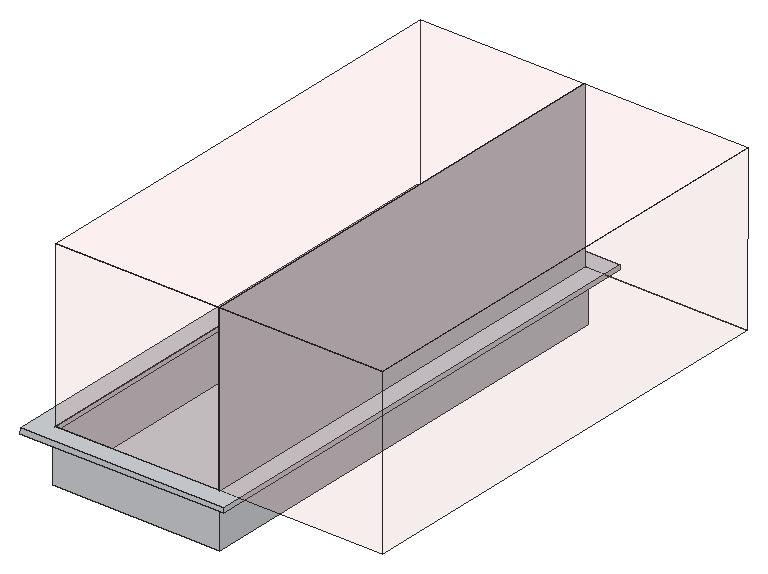
Revit family "Hager-VOLTA-Flush_mounted-IP30-With_Cover-With_DIN-Hosted-PL-en", category Electrical Equipment, host Face, Revit 2023
Family settings
  Host = Face
  Panel Configuration = Two Columns, Circuits Across
  Round Connector Dimension = Use Diameter
  Part Type = Panelboard
  Cut with Voids When Loaded = No
  Maintain Annotation Orientation = Yes
  Shared = No
  Room Calculation Point = No
Parameters (values of type "VOLTA-Flush_mounted_W348_H880_D98_12_Modular_Spacing-VU60NWB")
  Width Control [instance] = if([HG000006-Flush mounted], if([EF000846 - Built-in width] > min_whd, [EF000846 - Built-in width], min_whd), if([EF000008 - Width] > min_whd, ([EF000008 - Width]), min_whd))  # 314.5 mm
  Void Depth [instance] = if([HG000006-Flush mounted], Depth Control, 1 mm)  # 89 mm
  Uniformat code = "D501001"
  Uniformat = "Low Tension Service & Dist."
  HG000131 - Functional label [instance] = ""
  HG000130 - Functional name [instance] = ""
  HG000099-Onfly Template ID = "507532"
  Type Comments = ""
  System Height [instance] = Height Control - 2 * [HG000005-Thickness]  # 861 mm
  Reference description = ""
  Reference = "VOLTA-Flush_mounted_W348_H880_D98_12_Modular_Spacing-VU60NWB"
  Object type = ""
  Name hager = "ADD_Enclosures_EC000214"
  Name BIM&CO = "Electricity"
  Name = "VOLTA-Flush_mounted-IP30-With_Cover-With_DIN-PL"
  Model = ""
  HGEF002950-Width in number of modular spacings = 12
  HGEF000266-Number of rows = 0
  HG000060-RAL-number = "9010"
  HG000059-Operating voltage [instance] = 230 V
  HG000017-Distance between poles = 18 mm
  HG000016-Door 3D visibility = yes
  HG000015-Clearance visibility = yes
  HG000014-Door on the right = yes
  HG000013-Door on the left = not([HG000014-Door on the right])  # no
  HG000012-Door swing angle = 90.00°
  HG000011-Empty rows from bottom = no
  HG000010-Asymmetric doors = no
  HG000009-Double swing door = no
  HG000008-Number of empty rows = 0
  HG000007-Number of empty columns = 0
  HG000006-Flush mounted = yes
  HG000005-Thickness = 2 mm
  HG000004-Manufacturer reference = "VU60NWB"
  HG000003-Range = "VOLTA"
  HG000002-With door or cover = yes
  HG000001-Number of columns = 0
  GTIN (Global Trade Item Number) = ""
  ETIM class name = "Small distribution board"
  ETIM class code = "EC000214"
  EF015941 - Signal passing door = no
  EF015777 - Neutral terminal block = no
  EF015776 - Earthing terminal block = no
  EF009212 - Cover model = "With notch"
  EF006306 - With lock = no
  EF006244 - Transparent cover/door = no
  EF005474 - Degree of protection (IP) = "IP30"
  EF004464 - Type of door = ""
  EF004462 - Type of closure = "Other"
  EF002950 - Width in number of modular spacings = 12
  EF001596 - Housing material = ""
  EF001134 - DIN-rail = yes
  EF001131 - Inner depth = 0 mm
  EF001088 - Extension possible = yes
  EF001062 - EMC-version = no
  EF000846 - Built-in width = 314.5 mm
  EF000339 - Type of covering = ""
  EF000332 - Built-in height = 865 mm
  EF000266 - Number of rows = 0
  EF000218 - Built-in depth = 89 mm
  EF000118 - With mounting plate = yes
  EF000116 - RAL-number = 9010
  EF000049 - Depth = 98 mm
  EF000040 - Height = 880 mm
  EF000024 - UV resistant = no
  EF000008 - Width = 348 mm
  EF000007 - Colour = "White"
  EF000003 - Mounting method = "Flush-mounted"
  Creation Date = "12/15/2025 21:46:28"
  Code hager = "ADD-EC000214_EU"
  BIM&CO code = ""
  BC_VARIANT_ID = "1174397"
  BC_OBJECT_VERSION = "#5"  # constant formula
  BC_OBJECT_ID = "513496"  # constant formula
  BC_MODEL_ID = "1547210"  # constant formula
  Arrow Offset [instance] = Depth Control / 8  # 11.125 mm
  Arrow Height [instance] = Depth Control - Arrow Offset  # 77.875 mm
  Host Offset [instance] = if([HG000006-Flush mounted], 0 mm, [EF000049 - Depth])  # 0 mm
  min_whd [instance] = (2 * [HG000005-Thickness]) + 1 mm  # 5 mm
  Manufacturer = "Hager"  # constant formula
  Height Control [instance] = if([HG000006-Flush mounted], if([EF000332 - Built-in height] > min_whd, [EF000332 - Built-in height], min_whd), if([EF000040 - Height] > min_whd, ([EF000040 - Height]), min_whd))  # 865 mm
  Flush Mounted - Door Frame Width [instance] = if(([EF000040 - Height] - [EF000332 - Built-in height]) > 0 mm, if([HG000006-Flush mounted], [EF000040 - Height] - [EF000332 - Built-in height], 0 mm), 0 mm)  # 15 mm
  Depth Control [instance] = if([HG000006-Flush mounted], if([EF000218 - Built-in depth] > 0 mm, [EF000218 - Built-in depth], 1 mm), if([EF000049 - Depth] > 0 mm, ([EF000049 - Depth]), 1 mm))  # 89 mm
  Default Elevation = 0 mm
Types (18, lengths in mm): name | Width Control | Void Depth | System Height | Reference | HGEF000266-Number of rows | HG000011-Empty rows from bottom | HG000008-Number of empty rows | HG000004-Manufacturer reference | HG000001-Number of columns | EF015777 - Neutral terminal block | EF015776 - Earthing terminal block | EF000846 - Built-in width | EF000332 - Built-in height | EF000266 - Number of rows | EF000218 - Built-in depth | EF000118 - With mounting plate | EF000040 - Height | BC_VARIANT_ID | Arrow Offset | Arrow Height | Height Control | Flush Mounted - Door Frame Width | Depth Control
  VOLTA-Flush_mounted_W348_H356_D98_12_Modular_Spacing-VU12AT | 314.5 | 89 | 317 | "VOLTA-Flush_mounted_W348_H356_D98_12_Modular_Spacing-VU12AT" | 1 | no | 0 | "VU12AT" | 1 | yes | yes | 314.5 | 321 | 1 | 89 | no | 356 | "1174376" | 11.125 | 77.875 | 321 | 35 | 89
  VOLTA-Flush_mounted_W348_H356_D98_12_Modular_Spacing-VU12NE | 314.5 | 89 | 317 | "VOLTA-Flush_mounted_W348_H356_D98_12_Modular_Spacing-VU12NE" | 1 | no | 0 | "VU12NE" | 1 | no | yes | 314.5 | 321 | 1 | 89 | no | 356 | "1174377" | 11.125 | 77.875 | 321 | 35 | 89
  VOLTA-Flush_mounted_W348_H505_D98_12_Modular_Spacing-VU24AT | 314.5 | 89 | 466 | "VOLTA-Flush_mounted_W348_H505_D98_12_Modular_Spacing-VU24AT" | 2 | no | 0 | "VU24AT" | 1 | yes | yes | 314.5 | 470 | 2 | 89 | no | 505 | "1174378" | 11.125 | 77.875 | 470 | 35 | 89
  VOLTA-Flush_mounted_W348_H505_D98_12_Modular_Spacing-VU24NE | 314.5 | 89 | 466 | "VOLTA-Flush_mounted_W348_H505_D98_12_Modular_Spacing-VU24NE" | 2 | no | 0 | "VU24NE" | 1 | no | yes | 314.5 | 470 | 2 | 89 | no | 505 | "1174380" | 11.125 | 77.875 | 470 | 35 | 89
  VOLTA-Flush_mounted_W348_H505_D98_12_Modular_Spacing-VU24NWB | 314.5 | 89 | 466 | "VOLTA-Flush_mounted_W348_H505_D98_12_Modular_Spacing-VU24NWB" | 0 | no | 0 | "VU24NWB" | 0 | no | no | 314.5 | 470 | 0 | 89 | yes | 505 | "1174383" | 11.125 | 77.875 | 470 | 35 | 89
  VOLTA-Flush_mounted_W348_H630_D98_12_Modular_Spacing-VU36AT | 314.5 | 89 | 591 | "VOLTA-Flush_mounted_W348_H630_D98_12_Modular_Spacing-VU36AT" | 3 | no | 0 | "VU36AT" | 1 | yes | yes | 314.5 | 595 | 3 | 89 | no | 630 | "1174385" | 11.125 | 77.875 | 595 | 35 | 89
  VOLTA-Flush_mounted_W348_H630_D98_12_Modular_Spacing-VU36NE | 314.5 | 89 | 591 | "VOLTA-Flush_mounted_W348_H630_D98_12_Modular_Spacing-VU36NE" | 3 | no | 0 | "VU36NE" | 1 | no | yes | 314.5 | 595 | 3 | 89 | no | 630 | "1174386" | 11.125 | 77.875 | 595 | 35 | 89
  VOLTA-Flush_mounted_W348_H630_D98_12_Modular_Spacing-VU36NWB | 314.5 | 89 | 591 | "VOLTA-Flush_mounted_W348_H630_D98_12_Modular_Spacing-VU36NWB" | 0 | no | 0 | "VU36NWB" | 0 | no | no | 314.5 | 595 | 0 | 89 | yes | 630 | "1174387" | 11.125 | 77.875 | 595 | 35 | 89
  VOLTA-Flush_mounted_W348_H755_D98_12_Modular_Spacing-VU48AT | 314.5 | 89 | 716 | "VOLTA-Flush_mounted_W348_H755_D98_12_Modular_Spacing-VU48AT" | 4 | no | 0 | "VU48AT" | 1 | yes | yes | 314.5 | 720 | 4 | 89 | no | 755 | "1174388" | 11.125 | 77.875 | 720 | 35 | 89
  VOLTA-Flush_mounted_W348_H755_D98_12_Modular_Spacing-VU48NE | 314.5 | 89 | 716 | "VOLTA-Flush_mounted_W348_H755_D98_12_Modular_Spacing-VU48NE" | 4 | no | 0 | "VU48NE" | 1 | no | yes | 314.5 | 720 | 4 | 89 | no | 755 | "1174389" | 11.125 | 77.875 | 720 | 35 | 89
  VOLTA-Flush_mounted_W348_H755_D98_12_Modular_Spacing-VU48NWB | 314.5 | 89 | 716 | "VOLTA-Flush_mounted_W348_H755_D98_12_Modular_Spacing-VU48NWB" | 0 | no | 0 | "VU48NWB" | 0 | no | no | 314.5 | 720 | 0 | 89 | yes | 755 | "1174390" | 11.125 | 77.875 | 720 | 35 | 89
  VOLTA-Flush_mounted_W348_H880_D98_12_Modular_Spacing-VU601PLH | 314.5 | 89 | 841 | "VOLTA-Flush_mounted_W348_H880_D98_12_Modular_Spacing-VU601PLH" | 5 | yes | 4 | "VU601PLH" | 1 | yes | yes | 314.5 | 845 | 5 | 89 | yes | 880 | "1174391" | 11.125 | 77.875 | 845 | 35 | 89
  VOLTA-Flush_mounted_W348_H880_D98_12_Modular_Spacing-VU602PLH | 314.5 | 89 | 841 | "VOLTA-Flush_mounted_W348_H880_D98_12_Modular_Spacing-VU602PLH" | 5 | yes | 3 | "VU602PLH" | 1 | yes | yes | 314.5 | 845 | 5 | 89 | yes | 880 | "1174392" | 11.125 | 77.875 | 845 | 35 | 89
  VOLTA-Flush_mounted_W348_H880_D98_12_Modular_Spacing-VU603PLG | 314.5 | 89 | 841 | "VOLTA-Flush_mounted_W348_H880_D98_12_Modular_Spacing-VU603PLG" | 5 | yes | 2 | "VU603PLG" | 1 | yes | yes | 314.5 | 845 | 5 | 89 | yes | 880 | "1174393" | 11.125 | 77.875 | 845 | 35 | 89
  VOLTA-Flush_mounted_W348_H880_D98_12_Modular_Spacing-VU603PLH | 314.5 | 89 | 841 | "VOLTA-Flush_mounted_W348_H880_D98_12_Modular_Spacing-VU603PLH" | 5 | yes | 2 | "VU603PLH" | 1 | yes | yes | 314.5 | 845 | 5 | 89 | yes | 880 | "1174394" | 11.125 | 77.875 | 845 | 35 | 89
  VOLTA-Flush_mounted_W348_H880_D98_12_Modular_Spacing-VU60NC | 314.5 | 89 | 842 | "VOLTA-Flush_mounted_W348_H880_D98_12_Modular_Spacing-VU60NC" | 5 | no | 0 | "VU60NC" | 1 | no | yes | 314.5 | 846 | 5 | 89 | no | 880 | "1174395" | 11.125 | 77.875 | 846 | 34 | 89
  VOLTA-Flush_mounted_W348_H880_D98_12_Modular_Spacing-VU60NE | 314 | 90 | 841 | "VOLTA-Flush_mounted_W348_H880_D98_12_Modular_Spacing-VU60NE" | 5 | no | 0 | "VU60NE" | 1 | yes | yes | 314 | 845 | 5 | 90 | no | 880 | "1174396" | 11.25 | 78.75 | 845 | 35 | 90
  VOLTA-Flush_mounted_W348_H880_D98_12_Modular_Spacing-VU60NWB | 314.5 | 89 | 861 | "VOLTA-Flush_mounted_W348_H880_D98_12_Modular_Spacing-VU60NWB" | 0 | no | 0 | "VU60NWB" | 0 | no | no | 314.5 | 865 | 0 | 89 | yes | 880 | "1174397" | 11.125 | 77.875 | 865 | 15 | 89
Reference planes
  plane 1 "Center (Front/Back)": y = 0
  plane 2: z = 0
  plane 3 "Center (Left/Right)": x = 0
  plane 4: z = 0
  plane 5: y = 17
  plane 6: z = -5
  plane 7: y = 447.5
  plane 8: y = 15
  plane 9: y = 880
  plane 10: z = -89
  plane 11: x = -157.25
  plane 12: x = 157.25
  plane 13: x = 155.25
  plane 14: x = -155.25
  plane 15: y = 878
  plane 16: z = -87
  plane 17: z = -2
  plane 18: z = -89
  plane 19: z = -2
  plane 20 "Annotation H": y = -100
  plane 21 "Annotation V": x = 457.25
Forms (mm)
  Extrusion 1, solid
    sketch origin (-583.045, 15, 1219.2) x (-1, 0, 0) y (0, 0, 1)
      loop
        line (-425.795, -1219.2) -> (-740.295, -1219.2) -> (-740.295, -1308.2) -> (-425.795, -1308.2) -> (-425.795, -1219.2)
    from 0 to 865 <- "Height Control"
  Extrusion 2, void
    sketch origin (-381.607, -4572, 0) x (0, -1, 0) y (-1, 0, 0)
      loop
        line (-5450, -226.357) -> (-5450, -536.857) -> (-4589, -536.857) -> (-4589, -226.357) -> (-5450, -226.357)
    from 0 to 87
  Extrusion 3, void
    sketch origin (0, 0, 0) x (1, 0, 0) y (0, 1, 0)
      loop
        line (-157.25, 15) -> (157.25, 15) -> (157.25, 880) -> (-157.25, 880) -> (-157.25, 15)
    from -89 to 1
  Extrusion 4, solid, detail levels coarse+medium
    sketch origin (-381.607, -4572, 0) x (-1, 0, 0) y (0, -1, 0)
      loop
        line (-226.357, -5450) -> (-226.357, -4589) -> (-536.857, -4589) -> (-536.857, -5450) -> (-226.357, -5450)
    from 0 to -2
Cuts and joins
  Extrusion 2 cuts Extrusion 1
Dimensions and locks
  plane 4 to plane 6 = 5 mm
  "Host Offset": plane 4 to host face
  "Flush Mounted - Door Frame Width": plane 1 "Center (Front/Back)" to plane 8
  "HG000005-Thickness": plane 5 to plane 8
  locked: connector elem to plane 3 "Center (Left/Right)"
  "Height Control": plane 9 to plane 8
  equal spacing: plane 9, plane 7, plane 8
  locked: connector elem to plane 7
  "Depth Control": plane 4 to plane 10
  "HG000005-Thickness": plane 11 to plane 14
  "HG000005-Thickness": plane 12 to plane 13
  equal spacing: plane 11, plane 3 "Center (Left/Right)", plane 12
  "Width Control": plane 11 to plane 12
  "Arrow Offset": nested 4 to plane 10
  "HG000005-Thickness": plane 9 to plane 15
  "HG000005-Thickness": plane 16 to plane 10
  "HG000005-Thickness": plane 4 to plane 17
  "Void Depth": plane 2 to plane 18
  "HG000005-Thickness": plane 4 to plane 19
  locked: plane 20 "Annotation H" to plane 1 "Center (Front/Back)" at 100
  locked: plane 12 to plane 21 "Annotation V" at 300
  aligned and locked: plane 2 to host face
  aligned and locked: level to host face
  aligned and locked: plane 3 "Center (Left/Right)" to nested 2
  aligned and locked: plane 4 to nested 2
  aligned and locked: nested 2 to plane 8
  aligned and locked: nested 1 to plane 6
  aligned and locked: plane 5 to nested 1
  aligned and locked: nested 4 to plane 11
  aligned and locked: nested 3 to plane 4
  aligned and locked: Extrusion 1 sketch curve to plane 12
  aligned and locked: Extrusion 1 sketch curve to plane 11
  aligned and locked: nested 3 to plane 10
  aligned and locked: plane 10 to Extrusion 1 sketch curve
  aligned and locked: plane 5 to Extrusion 2 sketch curve
  aligned and locked: Extrusion 2 sketch curve to plane 15
  aligned and locked: Extrusion 2 sketch curve to plane 14
  aligned and locked: Extrusion 2 sketch curve to plane 13
  aligned and locked: plane 11 to Extrusion 3 sketch curve
  aligned and locked: plane 9 to Extrusion 3 sketch curve
  aligned and locked: Extrusion 3 sketch curve to plane 8
  aligned and locked: plane 12 to Extrusion 3 sketch curve
  aligned and locked: nested 3 to plane 12
  aligned and locked: Extrusion 3 to plane 18
  aligned and locked: Extrusion 2 to plane 16
  aligned and locked: Extrusion 1 sketch curve to plane 4
  aligned and locked: Extrusion 4 to plane 17
  aligned and locked: Extrusion 4 sketch curve to plane 15
  aligned and locked: Extrusion 4 sketch curve to plane 13
  aligned and locked: Extrusion 4 sketch curve to plane 14
  aligned and locked: plane 5 to Extrusion 4 sketch curve
  aligned and locked: nested 5 to plane 21 "Annotation V"
  aligned and locked: plane 20 "Annotation H" to nested 5
Automatic sketch dimensions
  host sketch curve to host sketch curve = 1469.727 mm
  host sketch curve to host sketch curve = 1434.803 mm
Nested families
  nested 1: "Hager_Enclosure_System" at (0, 17, -5) x (1, 0, 0) z (0, 1, 0), Depth <- "HG000005-Thickness", Height <- "System Height", Border <- "HG000005-Thickness", Flush_Mounted <- "HG000006-Flush mounted", Row_Module_Multiplicator <- "HGEF002950-Width in number of modular spacings", Total_No_Empty_Rows <- "HG000008-Number of empty rows", Total_No_Rows <- "HGEF000266-Number of rows", Empty_Columns <- "HG000007-Number of empty columns", Width_Control <- "Width Control", Empty_Rows_From_Bottom <- "HG000011-Empty rows from bottom", Distance_Between_Poles <- "HG000017-Distance between poles", Rows_Count <- "HGEF000266-Number of rows", Columns_Count <- "HG000001-Number of columns", Built-in_Width <- "EF000846 - Built-in width", Width <- "EF000008 - Width", type "Hager_Enclosure_System", detail levels fine
    with Width_Control 314.5 mm, Width 348 mm, Total_No_Rows 0, Total_No_Empty_Rows 0, Total_No_Columns 1, System_Width 310.5 mm, Rows_Count 0, Rows_Column 0, Row_Module_Multiplicator 12, Panel_4 no, Panel_3 no, Panel_2 no, Panel_1 no, No_Panels_Ctrl 1, Hide_Columns yes, Height 861 mm, Flush_Mounted yes, Empty_Rows_From_Bottom no, Empty_Rows_Column 0, Empty_Columns 0, Empty column 4 0, Empty column 3 0, Empty column 2 0, Empty column 1 0, Distance_Between_Poles 18 mm, Depth 2 mm, Columns_Count 0, Column_Width 310.5 mm, Built-in_Width 314.5 mm, Border 2 mm
  nested 2: "Hager_Enclosure_Door" at (0, 15, 0) x (1, 0, 0) z (0, 1, 0), Border <- "HG000005-Thickness", Door_Right <- "HG000014-Door on the right", Flush_Mounted <- "HG000006-Flush mounted", Door_Left <- "HG000013-Door on the left", 3d_Door <- "HG000016-Door 3D visibility", Angle <- "HG000012-Door swing angle", Assymetrical <- "HG000010-Asymmetric doors", Double <- "HG000009-Double swing door", Clearance <- "HG000015-Clearance visibility", Door <- "HG000002-With door or cover", Height_Ctrl <- "Height Control", Width_Ctrl <- "Width Control", BuiltIn_Depth <- "EF000218 - Built-in depth", Depth <- "EF000049 - Depth", BuiltIn_Width <- "EF000846 - Built-in width", Height <- "EF000040 - Height", BuiltIn_Height <- "EF000332 - Built-in height", Width <- "EF000008 - Width", Transparent <- "EF006244 - Transparent cover/door", type "Hager_Enclosure_Door", detail levels medium+fine
    with min_wh 5 mm, Width_Ctrl 314.5 mm, Width 348 mm, Transparent_Door_No_Bottom_Border no, Transparent no, Leaf_Width 307.5 mm, Leaf_Tolerance 1.5 mm, Leaf_Height 858 mm, Leaf_2_Width 307.5 mm, Leaf_2_Offset 153.75 mm, Leaf_1_Width 307.5 mm, Leaf_1_Offset 153.75 mm, Height_Ctrl 865 mm, Height 880 mm, Frame_Width_Ctrl 33.5 mm, Frame_Width 33.5 mm, Frame_Internal_Offset 2 mm, Frame_Height_Ctrl 15 mm, Frame_Height 15 mm, Frame_Depth_Ctrl 9 mm, Frame_Depth 9 mm, Flush_Mounted yes, Double_Clearance_Ctrl no, Double no, Door_Right_Ctrl yes, Door_Right yes, Door_Left_Ctrl no, Door_Left no, Door yes, Depth 98 mm, Clearance_Depth 307.5 mm, Clearance_Ctrl yes, Clearance yes, BuiltIn_Width 314.5 mm, BuiltIn_Height 865 mm, BuiltIn_Depth 89 mm, Border 2 mm, Assymetrical no, Angle 90.00°, 3d_Door yes
  nested 3: "Hager_Enclosure_Symbol_Triangle" at (-157.25, 0, -89) x (1, 0, 0) z (0, -1, 0), Depth <- "Depth Control", Width <- "Width Control", type "Hager_Enclosure_Symbol_Triangle"
    with Width_Ctrl 314.5 mm, Width 314.5 mm, Depth_Ctrl 89 mm, Depth 89 mm
  nested 4: "Hager_Enclosure_Symbol_Arrow" at (-157.25, 0, -77.875) x (1, 0, 0) z (0, -1, 0), Height <- "Arrow Height", type "Hager_Enclosure_Symbol_Arrow"
    with Width_Inside 5.841 mm, Width 70.087 mm, Height_Ctrl 77.875 mm, Height 77.875 mm
  nested 5: "Hager_Annotation-HG000130" at (457.25, -100, 0) x (-1, 0, 0) z (0, 0, 1), HG000130 - Functional name <- "HG000130 - Functional name", type "Hager_Annotation-HG000130"
    with HG000130 - Functional name ""
Connectors
  electrical at (0, 447.5, -89)
    settings: on plane 10, index 1, voltage 0 V, apparent load 0 VA, apparent load phase1 0 VA, apparent load phase2 0 VA, apparent load phase3 0 VA, power factor 1, load classification "Other", number of poles 1, system type 30, power factor state 1, is connector primary yes, connector utility no, sub classification motor no, connector description ""
Definition of nested family "Hager_Enclosure_Door"
  Parameters (values of type "Hager_Enclosure_Door")
    min_wh [instance] = (2 * Border) + 1 mm  # 11 mm
    Width_Ctrl [instance] = 400 mm
    Width [instance] = 500 mm
    Transparent_Door_No_Bottom_Border [instance] = no
    Transparent [instance] = yes
    Leaf_Width [instance] = if((Width_Ctrl - 2 * Border - 2 * Leaf_Tolerance) > 0 mm, (Width_Ctrl - 2 * Border - 2 * Leaf_Tolerance), min_wh)  # 387 mm
    Leaf_Tolerance [instance] = 1.5 mm  # constant formula
    Leaf_Height [instance] = if((Height_Ctrl - 2 * Border - 2 * Leaf_Tolerance) > 0 mm, (Height_Ctrl - 2 * Border - 2 * Leaf_Tolerance), min_wh)  # 387 mm
    Leaf_2_Width [instance] = if(and(and(Double, Assymetrical), Door_Left), (Leaf_Width / 3) - (Leaf_Tolerance / 2), if(and(and(Double, Assymetrical), Door_Right), (Leaf_Width / 3) * 2 - (Leaf_Tolerance / 2), if(and(Double, not(Assymetrical)), (Leaf_Width / 2) - Leaf_Tolerance, Leaf_Width)))  # 387 mm
    Leaf_2_Offset [instance] = if(and(Double, Assymetrical), Leaf_2_Width / 2, if(and(Double, not(Assymetrical)), Leaf_Width / 4, Leaf_Width / 2))  # 193.5 mm
    Leaf_1_Width [instance] = if(and(and(Double, Assymetrical), Door_Right), (Leaf_Width / 3) - (Leaf_Tolerance / 2), if(and(and(Double, Assymetrical), Door_Left), (Width / 3) * 2 - (Leaf_Tolerance / 2), if(and(Double, not(Assymetrical)), (Leaf_Width / 2) - Leaf_Tolerance, Leaf_Width)))  # 387 mm
    Leaf_1_Offset [instance] = if(and(Double, Assymetrical), Leaf_1_Width / 2, if(and(Double, not(Assymetrical)), Leaf_Width / 4, Leaf_Width / 2))  # 193.5 mm
    Height_Ctrl [instance] = 400 mm
    Height [instance] = 500 mm
    Frame_Width_Ctrl [instance] = if(Frame_Width > 0 mm, Frame_Width, 1 mm)  # 1 mm
    Frame_Width [instance] = Width - BuiltIn_Width  # 0 mm
    Frame_Internal_Offset [instance] = if(Flush_Mounted, Border, 0 mm)  # 5 mm
    Frame_Height_Ctrl [instance] = if(Frame_Height > 0 mm, Frame_Height, 1 mm)  # 1 mm
    Frame_Height [instance] = Height - BuiltIn_Height  # 0 mm
    Frame_Depth_Ctrl [instance] = if(Frame_Depth > 0 mm, Frame_Depth, 1 mm)  # 1 mm
    Frame_Depth [instance] = if(Depth - BuiltIn_Depth > 0 mm, if(Flush_Mounted, Depth - BuiltIn_Depth, 0 mm), 0 mm)  # 0 mm
    Flush_Mounted [instance] = yes
    Double_Clearance_Ctrl [instance] = and(Double, Clearance)  # no
    Double [instance] = no
    Door_Right_Ctrl [instance] = and(or(Door_Right, Double), Door)  # yes
    Door_Right [instance] = yes
    Door_Left_Ctrl [instance] = and(or(Door_Left, Double), Door)  # no
    Door_Left [instance] = no
    Door [instance] = yes
    Depth [instance] = 500 mm
    Default Elevation = 1219.2 mm
    Clearance_Material = none
    Clearance_Depth [instance] = if(Leaf_1_Width > Leaf_2_Width, Leaf_1_Width, Leaf_2_Width)  # 387 mm
    Clearance_Ctrl [instance] = and(not(Double), Clearance)  # yes
    Clearance [instance] = yes
    BuiltIn_Width [instance] = 500 mm
    BuiltIn_Height [instance] = 500 mm
    BuiltIn_Depth [instance] = 500 mm
    Border [instance] = 5 mm
    Assymetrical [instance] = yes
    Angle [instance] = 30.00°
    3d_Door [instance] = yes
  Reference planes
    plane 1 "Center (Front/Back)": y = 0
    plane 2 "Bottom": z = 0
    plane 3 "Center (Left/Right)": x = 0
    plane 4: z = 400
    plane 5: x = -200
    plane 6: x = 200
    plane 7: z = 395
    plane 8: x = -195
    plane 9: z = 5
    plane 10: x = 195
    plane 11: y = 0
    plane 12: z = 6.5
    plane 13: x = -582
    plane 14: y = -387
    plane 15: x = 582
    plane 16: x = 0
    plane 17: x = 0
    plane 18: x = -193.5
    plane 19: x = 193.5
    plane 20: z = 393.5
  Forms (mm)
    Extrusion 1, solid, visible <- "Flush_Mounted"
      sketch origin (0, 0, 0) x (1, 0, 0) y (0, 0, 1)
        loop
          line (195, 5) -> (195, 395) -> (-195, 395) -> (-195, 5) -> (195, 5)
        loop
          line (-201, 401) -> (-201, -1) -> (201, -1) -> (201, 401) -> (-201, 401)
      from 0 to 1 <- "Frame_Depth_Ctrl"
    Extrusion 2, solid, material <- "Clearance_Material", visible <- "Double_Clearance_Ctrl"
      sketch origin (1200, 0, 0) x (1, 0, 0) y (0, 0, -1)
        loop
          line (-1782, -393.5) -> (-618, -393.5) -> (-618, 0) -> (-1782, 0) -> (-1782, -393.5)
      from 0 to -387
  Dimensions and locks
    equal spacing: plane 5, plane 3 "Center (Left/Right)", plane 6
    "Width_Ctrl": plane 5 to plane 6
    "Border": plane 5 to plane 8
    "Border": plane 6 to plane 10
    "Border": plane 9 to level
    "Border": plane 4 to plane 7
    "Height_Ctrl": plane 4 to level
    "Leaf_Tolerance": plane 12 to plane 9
    "Frame_Depth": plane 11 to plane 1 "Center (Front/Back)"
    "Frame_Width_Ctrl": plane 5 to Extrusion 1 sketch curve
    "Frame_Width_Ctrl": plane 6 to Extrusion 1 sketch curve
    "Frame_Width_Ctrl": Extrusion 1 sketch curve to plane 4
    "Frame_Width_Ctrl": plane 2 "Bottom" to Extrusion 1 sketch curve
    "Leaf_1_Offset": plane 18 to plane 16
    "Leaf_2_Offset": plane 17 to plane 19
    "Leaf_1_Width": plane 13 to plane 8
    "Leaf_2_Width": plane 10 to plane 15
    "Clearance_Depth": plane 14 to plane 1 "Center (Front/Back)"
    "Leaf_Tolerance": plane 8 to plane 18
    "Leaf_Tolerance": plane 19 to plane 10
    "Leaf_Tolerance": plane 7 to plane 20
    "Frame_Internal_Offset": plane 5 to Extrusion 1 sketch curve
    "Frame_Internal_Offset": Extrusion 1 sketch curve to plane 2 "Bottom"
    "Frame_Internal_Offset": plane 6 to Extrusion 1 sketch curve
    "Frame_Internal_Offset": plane 4 to Extrusion 1 sketch curve
    aligned and locked: level to plane 2 "Bottom"
    aligned and locked: nested 1 to plane 16
    aligned and locked: nested 2 to plane 17
    aligned and locked: Extrusion 2 to plane 13
    aligned and locked: plane 15 to Extrusion 2
    aligned and locked: Extrusion 2 to plane 14
    aligned and locked: plane 12 to nested 1
    aligned and locked: nested 2 to plane 12
    aligned and locked: Extrusion 2 to plane 11
    aligned and locked: plane 20 to Extrusion 2
    aligned and locked: nested 2 to plane 11
    aligned and locked: nested 1 to plane 11
  Automatic sketch dimensions
    Extrusion 2 sketch curve to level = 0 mm
    plane 5 to Extrusion 2 sketch curve = 382 mm
    plane 6 to Extrusion 2 sketch curve = 382 mm
    Extrusion 2 sketch curve to plane 4 = 6.5 mm
  Nested families
    nested 1: "Hager_Enclosure_Door_Leaf" at (0, 0, 6.5), Width <- "Leaf_1_Width", visible <- "Door_Left_Ctrl", Leaf_Height <- "Leaf_Height", Angle <- "Angle", Depth <- "Border", 3d_Door <- "3d_Door", Transparent <- "Transparent", Clearance Material <- "Clearance_Material", Clearance <- "Clearance_Ctrl", Transparent_Door_No_Bottom_Border <- "Transparent_Door_No_Bottom_Border", type "Hager_Enclosure_Door_Leaf"
      with Width 387 mm, Transparent_Door_No_Bottom_Border no, Transparent_Door_Border_Bottom_Top 25 mm, Transparent_Door_Border 25 mm, Transparent_Ctrl yes, Transparent yes, Standard no, Leaf_Height 387 mm, Glass_Offset 1 mm, Depth 5 mm, Clearance Material none, Clearance yes, Angle_Ctrl 30.00°, Angle 30.00°, 3d_Door yes
    nested 2: "Hager_Enclosure_Door_Leaf" at (0, 0, 6.5) x (-1, 0, 0) z (0, 0, 1), Width <- "Leaf_2_Width", visible <- "Door_Right_Ctrl", Leaf_Height <- "Leaf_Height", Angle <- "Angle", Depth <- "Border", 3d_Door <- "3d_Door", Transparent <- "Transparent", Clearance Material <- "Clearance_Material", Clearance <- "Clearance_Ctrl", Transparent_Door_No_Bottom_Border <- "Transparent_Door_No_Bottom_Border", type "Hager_Enclosure_Door_Leaf"
      with Width 387 mm, Transparent_Door_No_Bottom_Border no, Transparent_Door_Border_Bottom_Top 25 mm, Transparent_Door_Border 25 mm, Transparent_Ctrl yes, Transparent yes, Standard no, Leaf_Height 387 mm, Glass_Offset 1 mm, Depth 5 mm, Clearance Material none, Clearance yes, Angle_Ctrl 30.00°, Angle 30.00°, 3d_Door yes
  Definition of nested family "Hager_Enclosure_Door_Leaf"
    Parameters (values of type "Hager_Enclosure_Door_Leaf")
      Width [instance] = 2000 mm
      Transparent_Door_No_Bottom_Border [instance] = yes
      Transparent_Door_Border_Bottom_Top [instance] = if(Transparent_Door_No_Bottom_Border, 0.1 mm, Transparent_Door_Border)  # 0.1 mm
      Transparent_Door_Border [instance] = if(Transparent_Door_No_Bottom_Border, (Width * 0.12), 25 mm)  # 240 mm
      Transparent_Ctrl [instance] = and(Transparent, [3d_Door])  # yes
      Transparent [instance] = yes
      Standard [instance] = and(not(Transparent), [3d_Door])  # no
      Leaf_Height [instance] = 2720.336 mm
      Glass_Offset [instance] = if((Depth - 10 mm) / 2 > 0 mm, (Depth - 10 mm) / 2, 1 mm)  # 15 mm
      Glass_Material = none
      Depth [instance] = 40 mm
      Default Elevation = 0 mm
      Clearance Material [instance] = none
      Clearance [instance] = yes
      Angle_Ctrl [instance] = if(Angle > 170.00°, 170.00°, Angle)  # 45.00°
      Angle [instance] = 45.00°
      3d_Door [instance] = yes
    Reference planes
      plane 1 "Center (Front/Back)": y = 0
      plane 2: z = 0
      plane 3 "Center (Left/Right)": x = 0
      plane 4: y = 2000
      plane 5: x = -1000
      plane 6: x = 1000
      plane 7: x = -3000
      plane 8: z = 2720.336
      plane 9: z = 0.1
      plane 10: z = 2720.236
      plane 11: x = 760
      plane 12: x = -760
    Forms (mm)
      Extrusion 1, solid, material <- "Clearance Material", visible <- "Clearance"
        sketch origin (0, 0, 0) x (1, 0, 0) y (0, 0, 1)
          loop
            line (-3000, 2720.336) -> (-3000, 0) -> (1000, 0) -> (1000, 2720.336) -> (-3000, 2720.336)
        from 0 to -2000
      Extrusion 2, solid, visible <- "Standard", detail levels medium+fine
        sketch origin (-1000, 0, 0) x (0.707107, 0.707107, 0) y (-0.707107, 0.707107, 0)
          loop
            line (0, -40) -> (2000, -40) -> (2000, 0) -> (0, 0) -> (0, -40)
        from 0 to 2720.336 <- "Leaf_Height"
      Extrusion 3, solid, visible <- "Transparent_Ctrl", detail levels medium+fine
        sketch origin (-1000, 0, 0) x (0.707107, 0.707107, 0) y (-0.707107, 0.707107, 0)
          loop
            line (0, -40) -> (2000, -40) -> (2000, 0) -> (0, 0) -> (0, -40)
        from 0 to 2720.336 <- "Leaf_Height"
      Extrusion 4, void, detail levels medium+fine
        sketch origin (-1000, 0, 0) x (-0.707107, 0.707107, 0) y (0.707107, 0.707107, 0)
          loop
            line (0, 240) -> (0, 1760) -> (-40, 1760) -> (-40, 240) -> (0, 240)
        from -2720.236 to -0.1
      Extrusion 5, solid, material <- "Glass_Material", visible <- "Transparent_Ctrl", detail levels medium+fine
        sketch origin (-1000, 0, 0) x (0.707107, 0.707107, 0) y (-0.707107, 0.707107, 0)
          loop
            line (240, -15) -> (240, -25) -> (1760, -25) -> (1760, -15) -> (240, -15)
        from 0.1 to 2720.236
    Cuts and joins
      Extrusion 4 cuts Extrusion 3
    Lines and regions (mm)
      symbolic lines
        curve 1: line (1000, 0, 0) -> (-3000, 0, 0)
        curve 2: arc (1000, 0, 0) -> (-1000, 2000, 0) -> (-3000, 0, 0) r 2000
        curve 4: line (-1000, 0, 0) -> (414.214, 1414.214, 0)
      reference lines
        curve 3: line (-1000, 0, 0) -> (414.214, 1414.214, 0)
      symbolic lines, detail levels medium+fine
        curve 5: line (414.214, 1414.214, 0) -> (442.498, 1385.929, 0)
        curve 6: line (442.498, 1385.929, 0) -> (-971.716, -28.284, 0)
        curve 7: line (-971.716, -28.284, 0) -> (-1000, 0, 0)
        curve 8: line (-1000, 0, 2720.336) -> (1000, 0, 2720.336)
        curve 9: line (-1000, 0, 0) -> (-1000, 0, 2720.336)
        curve 10: line (1000, 0, 0) -> (-1000, 0, 0)
        curve 11: line (1000, 0, 2720.336) -> (1000, 0, 0)
      symbolic lines, visible <- "Transparent_Ctrl", detail levels medium+fine
        curve 12: line (-760, 0, 2720.236) -> (760, 0, 2720.236)
        curve 13: line (-760, 0, 0.1) -> (-760, 0, 2720.236)
        curve 14: line (760, 0, 0.1) -> (-760, 0, 0.1)
        curve 15: line (760, 0, 2720.236) -> (760, 0, 0.1)
    Dimensions and locks
      "Width": plane 1 "Center (Front/Back)" to plane 4
      equal spacing: plane 5, plane 3 "Center (Left/Right)", plane 6
      "Width": plane 5 to plane 6
      "Width": plane 7 to plane 5
      "Leaf_Height": plane 8 to level
      "Depth": curve 6 to curve 3
      "Width": curve 5 to curve 3
      "Width": curve 3 to curve 3
      "Transparent_Door_Border": Extrusion 4 sketch curve to curve 7
      "Transparent_Door_Border": Extrusion 4 sketch curve to curve 5
      "Transparent_Door_Border_Bottom_Top": plane 8 to plane 10
      "Transparent_Door_Border_Bottom_Top": plane 9 to level
      "Glass_Offset": Extrusion 5 sketch curve to curve 4
      "Glass_Offset": Extrusion 5 sketch curve to curve 6
      "Transparent_Door_Border": Extrusion 5 sketch curve to curve 5
      "Transparent_Door_Border": Extrusion 5 sketch curve to curve 7
      "Transparent_Door_Border": plane 12 to plane 5
      "Transparent_Door_Border": plane 6 to plane 11
      "Angle_Ctrl": angle plane 1 "Center (Front/Back)" to curve 3
      aligned and locked: level to plane 2
      aligned and locked: Extrusion 1 to curve 1
      aligned and locked: plane 6 to Extrusion 1
      aligned and locked: Extrusion 1 to plane 1 "Center (Front/Back)"
      aligned and locked: plane 4 to Extrusion 1
      aligned and locked: plane 8 to Extrusion 1
      aligned and locked: curve 4 to curve 3
      aligned and locked: Extrusion 2 sketch curve to curve 7
      aligned and locked: Extrusion 2 sketch curve to curve 6
      aligned and locked: Extrusion 2 sketch curve to curve 5
      aligned and locked: Extrusion 2 sketch curve to curve 3
      aligned and locked: curve 7 to Extrusion 3 sketch curve
      aligned and locked: Extrusion 3 sketch curve to curve 4
      aligned and locked: Extrusion 3 sketch curve to curve 6
      aligned and locked: Extrusion 3 sketch curve to curve 5
      aligned and locked: curve 4 to Extrusion 4 sketch curve
      aligned and locked: curve 6 to Extrusion 4 sketch curve
      aligned and locked: Extrusion 4 to plane 9
      aligned and locked: Extrusion 4 to plane 10
      aligned and locked: Extrusion 5 to plane 9
      aligned and locked: Extrusion 5 to plane 10
      aligned and locked: curve 8 to plane 8
      aligned and locked: plane 5 to curve 9
      aligned and locked: plane 2 to curve 10
      aligned and locked: curve 11 to plane 6
      aligned and locked: plane 10 to curve 12
      aligned and locked: plane 12 to curve 13
      aligned and locked: curve 14 to plane 9
      aligned and locked: plane 11 to curve 15
    Automatic sketch dimensions
      plane 1 "Center (Front/Back)" to curve 2 = 0 mm
      curve 2 to plane 5 = 0 mm
      Extrusion 1 sketch curve to level = 0 mm
      Extrusion 1 sketch curve to plane 7 = 0 mm
      Extrusion 1 sketch curve to plane 6 = 0 mm
      Extrusion 1 sketch curve to plane 8 = 0 mm
      plane 1 "Center (Front/Back)" to curve 3 = 0 mm
      curve 3 to plane 5 = 0 mm
      curve 7 to curve 3 = 0 mm
Definition of nested family "Hager_Enclosure_Symbol_Triangle"
  Parameters (values of type "Hager_Enclosure_Symbol_Triangle")
    Width_Ctrl [instance] = if(Width > 1 mm, Width, 1 mm)  # 498 mm
    Width [instance] = 498 mm
    Depth_Ctrl [instance] = if(Depth > 1 mm, Depth, 1 mm)  # 72 mm
    Depth [instance] = 72 mm
  Reference planes
    plane 1 "Centre (avant/arrière)": y = 0
    plane 2: z = 0
    plane 3 "Centre (gauche/droite)": x = 0
  Lines and regions (mm)
    Filled region 1, type "Solid_Black", in view "Niveau de réf."
      outline origin (0, 0, 0) x (1, 0, 0) y (0, 1, 0)
        loop
          line (0, 0) -> (498, 0) -> (498, 72) -> (0, 0)
    reference lines, in view "Niveau de réf."
      curve 1: line (-206.153, 72, 0) -> (1083.258, 72, 0)
      curve 2: line (498, 405.456, 0) -> (498, -517.619, 0)
  Dimensions and locks
    "Depth_Ctrl": plane 1 "Centre (avant/arrière)" to curve 1
    "Width_Ctrl": plane 3 "Centre (gauche/droite)" to curve 2
    aligned and locked: curve 1 to Filled region 1 sketch curve
    aligned and locked: Filled region 1 sketch curve to plane 1 "Centre (avant/arrière)"
    aligned and locked: curve 2 to Filled region 1 sketch curve
    aligned and locked: plane 3 "Centre (gauche/droite)" to Filled region 1 sketch curve
    aligned and locked: plane 1 "Centre (avant/arrière)" to Filled region 1 sketch curve
  Automatic sketch dimensions
    curve 1 to plane 3 "Centre (gauche/droite)" = 206.153 mm
    curve 2 to curve 1 = 585.258 mm
    plane 1 "Centre (avant/arrière)" to curve 2 = 517.619 mm
    curve 2 to plane 1 "Centre (avant/arrière)" = 405.456 mm
Definition of nested family "Hager_Enclosure_Symbol_Arrow"
  Parameters (values of type "Hager_Enclosure_Symbol_Arrow")
    Width_Inside [instance] = if(Width / 12 > 2 mm, Width / 12, 2 mm)  # 4.987 mm
    Width [instance] = if(Height_Ctrl * 0.9 > 2 mm, Height_Ctrl * 0.9, 2 mm)  # 59.85 mm
    Height_Ctrl [instance] = if(Height > 2 mm, Height, 2 mm)  # 66.5 mm
    Height [instance] = 66.5 mm
  Reference planes
    plane 1 "Centre (avant/arrière)": y = 0
    plane 2: z = 0
    plane 3 "Centre (gauche/droite)": x = 0
    plane 4: x = 59.85
    plane 5: y = 28.263
    plane 6: y = 38.238
    plane 7: y = 66.5
    plane 8: x = 29.925
    plane 9: y = 33.25
  Lines and regions (mm)
    Filled region 1, type "Solid_Black", in view "Niveau de réf."
      outline origin (0, 0, 0) x (1, 0, 0) y (0, 1, 0)
        loop
          line (59.85, 66.5) -> (37.929, 52.827) -> (51.846, 41.935) -> (59.85, 66.5)
    detail lines, in view "Niveau de réf."
      curve 1: line (0, 0, 0) -> (29.925, 38.238, 0)
      curve 2: line (29.925, 38.238, 0) -> (29.925, 28.263, 0)
      curve 3: line (29.925, 28.263, 0) -> (59.85, 66.5, 0)
  Dimensions and locks
    "Width": plane 3 "Centre (gauche/droite)" to plane 4
    "Height_Ctrl": plane 7 to plane 1 "Centre (avant/arrière)"
    equal spacing: plane 3 "Centre (gauche/droite)", plane 8, plane 4
    equal spacing: plane 7, plane 9, plane 1 "Centre (avant/arrière)"
    equal spacing: plane 6, plane 9, plane 5
    "Width_Inside": plane 6 to plane 9
    equal spacing: curve 3, Filled region 1 sketch curve, Filled region 1 sketch curve
    angle Filled region 1 sketch curve to curve 3 = 20.00°
    angle curve 3 to Filled region 1 sketch curve = 20.00°
    locked: curve 3 to Filled region 1 sketch curve (angle 90.00°)
  Automatic sketch dimensions
    plane 1 "Centre (avant/arrière)" to curve 1 = 0 mm
    curve 1 to plane 3 "Centre (gauche/droite)" = 0 mm
    curve 2 to plane 6 = 0 mm
    curve 3 to plane 8 = 0 mm
    curve 3 to plane 4 = 0 mm
    curve 2 to plane 5 = 0 mm
    curve 3 to plane 7 = 0 mm
    Filled region 1 sketch curve to plane 4 = 0 mm
    Filled region 1 sketch curve to plane 7 = 0 mm
Definition of nested family "Hager_Annotation-HG000130"
  Parameters (values of type "Hager_Annotation-HG000130")
    HG000130 - Functional name [instance] = ""
  Reference planes
    plane 1: y = 0
    plane 2: x = 0
  Lines and regions (mm)
    detail lines
      curve 1: line (-27.5, 10, 0) -> (27.5, 10, 0)
      curve 2: line (-27.5, -10, 0) -> (-27.5, 10, 0)
      curve 3: line (27.5, -10, 0) -> (-27.5, -10, 0)
      curve 4: line (27.5, 10, 0) -> (27.5, -10, 0)
  Text (mm)
    label "HG000130 - Functional name" at (0.16, 0.026, 0), shows "HG000130 - Functional name"
